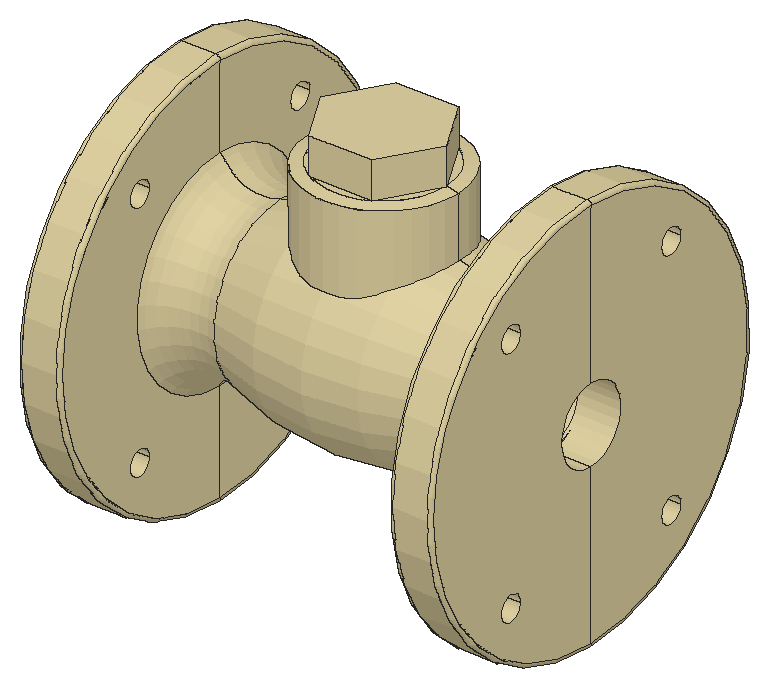
Revit family "DA04290000", category Apparecchi idraulici, Revit 2020
Family settings
  Quota connettore circolare = Usa diametro
  Tipo di parte = Normale
  Numero OmniClass = 23.45.00.00
  Titolo OmniClass = Sanitary, Laundry, and Cleaning Equipment
  Basato su piano di lavoro = No
  Sempre verticale = Sì
  Taglio con vuoti quando caricato = No
  Condiviso = No
  Punto di calcolo locali = No
Parameters
  URL = "https://web.cimberio.com/index.php/figura/15?subcategoria_id=35"
  Temperatura di esercizio = "-10 ÷ 170°C"
  Prospetto di default = 0 mm
  Produttore = "CIMBERIO SPA"
  Pressione nominale = "PN 16"
  Modello = "Cim *77PN16"
  Materiale = "Prodotto in lega di bronzo conforme alla norma EN 1982-CC491K"
  Descrizione = "Utilizzato nei più svariati settori dell'impiantistica in condutture anti-ritorno per: reti di distribuzione acqua potabile, impianti di riscaldamento, condizionamento, igienico-sanitari e distribuzione idrocarburi"
  DN Model [instance] = DA04293110 : DA04293110
  DN [instance] = 15 mm
  Commenti sul tipo = "Realizzato in ottemperanza ai requisiti gestionali della norma EN ISO 9001.\r\nCollaudato al 100% secondo la normativa EN 12266-1"
Reference planes
  plane 1 "Centro (Fronte/Retro)": y = 0
  plane 2: z = 0
  plane 3 "Centro (Sinistra/Destra)": x = 0
Dimensions and locks
  aligned and locked: level to plane 2
Nested families
  nested 1: "DA04293110" at (0, 0, 0), type <- "DN Model", type "DA04293110"
  nested 2: "DA04293110" at (0, 0, 0), type <- "DN Model", type "DA04293110"
  nested 3: "DA04293110" at (0, 0, 0), type <- "DN Model", type "DA04293110"
  nested 4: "DA04293110" at (0, 0, 0), type <- "DN Model", type "DA04293110"
  nested 5: "DA04293110" at (0, 0, 0), type <- "DN Model", type "DA04293110"
  nested 6: "DA04293110" at (0, 0, 0), type <- "DN Model", type "DA04293110"
  nested 7: "DA04293110" at (0, 0, 0), type <- "DN Model", type "DA04293110"
  nested 8: "DA04293110" at (0, 0, 0), type <- "DN Model", type "DA04293110"
  nested 9: "DA04293110" at (0, 0, 0), type <- "DN Model", type "DA04293110"
Connectors
  piping at (41.407, 0, 0), diameter 15, driven by "DN"
    settings: on nested 1, index 1, connector inside diameter 609.6 mm, connector length 0 mm, flow factor 0, pipe flow 0.0 L/s, pressure drop 0.0 Pa, fitting loss kfactor 0, connector angle 0.00°, fixture units 0, engagement length 0 mm, angle of deflection 0.00°, flow configuration 0, flow direction 0, fitting loss method 0, system type 7, joint type 0, gender type 0, connector reference index -1, connector utility 0, adjustable connector no, is connector primary yes, connector description ""
  piping at (-41.232, 0, 0), diameter 15, driven by "DN"
    settings: on nested 1, index 2, connector inside diameter 609.6 mm, connector length 0 mm, flow factor 0, pipe flow 0.0 L/s, pressure drop 0.0 Pa, fitting loss kfactor 0, connector angle 0.00°, fixture units 0, engagement length 0 mm, angle of deflection 0.00°, flow configuration 0, flow direction 0, fitting loss method 0, system type 7, joint type 0, gender type 0, connector reference index -1, connector utility 0, adjustable connector no, is connector primary no, connector description ""
Definition of nested family "DA04293110"
  Parameters (values of type "DA04283110")
    Default Elevation = 0 mm
  Reference planes
    plane 1 "Centro (Fronte/Retro)": y = 0
    plane 2: z = 0
    plane 3 "Centro (Sinistra/Destra)": x = 0
  Forms (mm)
    Revolve 1, solid
      sketch origin (0, 0, 0) x (1, 0, 0) y (0, 0, 1)
        loop
          line (33.343, -7.5) -> (-32.983, -7.5) -> (-32.983, -19.288)
          arc (-32.983, -19.288) -> (-27.734, -14.585) -> (-20.687, -14.614) r 9.811
          arc (-20.687, -14.614) -> (0, -18.5) -> (20.687, -14.614) r 57
          arc (20.687, -14.614) -> (28.136, -14.748) -> (33.343, -20.077) r 9.811
          line (33.343, -20.077) -> (33.343, -7.5)
        axis (-32.983, 2) -> (33.343, 2)
      angle from 0 to 360
    Revolve 2, solid
      sketch origin (0, 0, 0) x (1, 0, 0) y (0, 0, 1)
        loop
          line (-15, 4.172) -> (0, 4.172) -> (0, 32.573) -> (-12.5, 32.573) -> (-15, 32.132) -> (-15, 4.172)
        axis (0, 32.573) -> (0, 4.172)
      angle from 0 to 360
    Extrusion 3, solid
      sketch origin (0, 0, 0) x (0, -1, 0) y (1, 0, 0)
        loop
          line (0, 12.5) -> (-10.825, 6.25) -> (-10.825, -6.25) -> (0, -12.5) -> (10.825, -6.25) -> (10.825, 6.25) -> (0, 12.5)
      from 32.132 to 39.804
    Revolve 4, solid
      sketch origin (-6.732, 0, 0) x (1, 0, 0) y (0, 0, 1)
        loop
          line (-34.5, 39.192) -> (-34.5, 7.5) -> (-26, 7.5) -> (-26, 39.165)
          arc (-26, 39.165) -> (-26.244, 39.756) -> (-26.835, 40) r 0.835
          line (-26.835, 40) -> (-33.692, 40)
          arc (-33.692, 40) -> (-34.263, 39.763) -> (-34.5, 39.192) r 0.808
        axis (-34.5, 0) -> (-26, 0)
      angle from 0 to 360
    Revolve 5, solid
      sketch origin (6.907, 0, 0) x (-1, 0, 0) y (0, 0, 1)
        loop
          line (-34.5, 39.192) -> (-34.5, 7.5) -> (-26, 7.5) -> (-26, 39.165)
          arc (-26, 39.165) -> (-26.244, 39.756) -> (-26.835, 40) r 0.835
          line (-26.835, 40) -> (-33.692, 40)
          arc (-33.692, 40) -> (-34.263, 39.763) -> (-34.5, 39.192) r 0.808
        axis (-34.5, 0) -> (-26, 0)
      angle from 0 to 360
    Extrusion 6, void
      sketch origin (0, 0, 0) x (0, 1, 0) y (0, 0, 1)
        loop
          circle (20, 24.077) r 2.498
        loop
          circle (-20, 24.077) r 2.498
        loop
          circle (20, -24.077) r 2.498
        loop
          circle (-20, -24.077) r 2.498
      from -63.387 to 69.734
  Cuts and joins
    Extrusion 6 cuts Revolve 4
    Extrusion 6 cuts Revolve 5
  Dimensions and locks
    aligned and locked: level to plane 2
